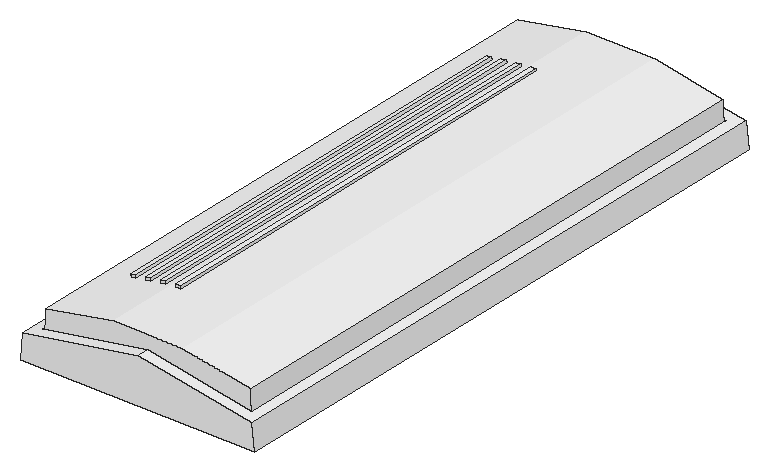
Revit family "JC KONTAKTER JCK211 FI", category Specialty Equipment, host Face, Revit 2025
Family settings
  Host = Face
  Round Connector Dimension = Use Diameter
  Part Type = Normal
  Enable Cutting in Views = Yes
  Cut with Voids When Loaded = No
  Maintain Annotation Orientation = Yes
  Shared = No
  Room Calculation Point = No
Parameters (values of type "JCK211")
  Valmistusmaa = "Ruotsi"
  URL = "https://www.jckontakter.fi/produkt/kyynarkytkin/kyynarkytkin-muovi/kyynarkytkin-jck211/"
  Tuotteen paino = "0.230 kg"
  Tekniken tuotekortti = "https://www.jckontakter.fi/wp-content/uploads/sites/4/Tekninen-tuotekortti_JCK211_FI-1.pdf"
  Pienin nimellisvirta = "12V Resistiivinen 6A Induktiivinen L/R 5ms 6A, 24V Resistiivinen 6A Induktiivinen L/R 5ms 5A"
  Nimellisestä nimellisvirrasta = "1mA/4 V DC"
  Model = "JCK211"
  Mikrokytkin = "Standar NO IP67"
  Mikrokytkimien määrä = 1
  Manufacturer = "JC Kontakter"
  Kansi = ABS 750SW (Valkoinen)
  Description = "Tämä kyynärkytkin on valmistettu iskunkestävästä ABS-muovista. Siinä on kupera kosketuspinta, jossa on kosketusviivat, jotka osoittavat, missä painiketta tulee painaa. Tämä malli tarjoaa vahvan värikontrastin valkoisen kosketuspinnan ja valkoisen kehyksen kanssa. Suunniteltu ensisijaisesti sisäkäyttöön, mutta voidaan käyttää myös ulkona, koska se on varustettu kosteudenkestävällä mikrokytkimellä, jonka IP-luokka on 67."
  Default Elevation = 800 mm
  Kotelo = ABS 750SW (Valkoinen)
  CE asiakirja = "https://jckontakter.se/wp-content/uploads/CE_Dokument.pdf"
Reference planes
  plane 1 "Center (Front/Back)": y = 0
  plane 2: z = 0
  plane 3 "Center (Left/Right)": x = 0
  plane 4 "A": y = -122.5
Lines and regions (mm)
  symbolic lines
    curve 1: line (-50, 0, 50) -> (50, 0, 50)
    curve 2: line (-50, 0, 0) -> (-50, 0, 50)
    curve 3: line (50, 0, 0) -> (-50, 0, 0)
    curve 4: line (50, 0, 50) -> (50, 0, 0)
    curve 5: line (-40, 117.5, 0) -> (40, 117.5, 0)
    curve 6: line (-40, -122.5, 0) -> (-40, 117.5, 0)
    curve 7: line (40, -122.5, 0) -> (-40, -122.5, 0)
    curve 8: line (40, 117.5, 0) -> (40, -122.5, 0)
Text (mm)
  text "Poista tämä tunniste ennen käyttöä.\n\nSijoitusohjeet:\n\n1. Lataa projektiin.\n2. Vie kursori sen pinnan päälle, johon perhe tullaan sijoittamaan.\n3. Jos perhe näkyy kiertyneenä, valitse asetus \"kierrä sijoittamisen jälkeen\".\n4. Napsauta haluttua pintaa.\n5. Kirjoita haluttu kulma.\n6. Paina Enter." at (123.173, 1072.34, 0), in view "Ref. Level"
Dimensions and locks
  aligned and locked: plane 2 to host face
  aligned and locked: level to host face
Nested families
  nested 1: "AK_211" at (0, -122.5, 0) x (1, 0, 0) z (0, 1, 0), type "AK_211"
Definition of nested family "AK_211"
  Parameters (values of type "AK_211")
    URL = "https://jckontakter.se/produkt/armbagskontakter/armbagskontakt-jck211/"
    Model = "JCK211"  # constant formula
    Manufacturer = "JC Kontakter"  # constant formula
    Lid Finish = none
    Default Elevation = 1219.2 mm
    Core Finish = none
    Description = "JCK211 är en tålig armbågskontakt med konvex tryckplatta och taktila rillor som standard. Rillorna underlättar för synsvaga att veta var de ska trycka för att aktivera armbågskontakten.\r\nModellen har vitt lock och vit underdel.\r\nJCK211 levereras med 1st mikrobrytare i IP67, men går även att beställa med fler."  # constant formula
  Reference planes
    plane 1 "Center (Front/Back)": y = 0
    plane 2: z = 0
    plane 3 "Center (Left/Right)": x = 0
    plane 4 "1": x = 47.5
    plane 5 "A": z = 5
    plane 6 "B": z = 245
  Forms (mm)
    Extrusion 1, solid, material <- "Core Finish"
      sketch origin (0, 0, 0) x (1, 0, 0) y (0, 1, 0)
        loop
          line (-47.5, 0) -> (-46.5, -10) -> (0, -18) -> (46.5, -10) -> (47.5, 0) -> (-47.5, 0)
      from 0 to 250
    Extrusion 2, void
      sketch origin (0, 0, 0) x (1, 0, 0) y (0, 1, 0)
        loop
          line (-42.5, -4) -> (-42.5, -18.223) -> (42.5, -18.223) -> (42.5, -4) -> (-42.5, -4)
      from 5 to 245
    Extrusion 3, solid, material <- "Lid Finish"
      sketch origin (0, 0, 5) x (-1, 0, 0) y (0, -1, 0)
        loop
          line (-42, 6) -> (42, 6) -> (41.5, 18.145)
          arc (41.5, 18.145) -> (0, 24) -> (-41.5, 18.145) r 150
          line (-41.5, 18.145) -> (-42, 6)
      from 0.5 to 239.5
    Extrusion 4, solid, material <- "Lid Finish"
      sketch origin (0, 0, 5) x (-1, 0, 0) y (0, -1, 0)
        loop
          line (30.48, 20.761) -> (30.656, 21.746) -> (28.687, 22.097) -> (28.511, 21.112) -> (30.48, 20.761)
        loop
          line (24.5, 21.866) -> (24.634, 22.857) -> (22.652, 23.126) -> (22.518, 22.135) -> (24.5, 21.866)
        loop
          line (18.504, 22.704) -> (18.644, 23.694) -> (16.664, 23.975) -> (16.524, 22.985) -> (18.504, 22.704)
        loop
          line (12.5, 23.393) -> (12.5, 24.393) -> (10.5, 24.393) -> (10.5, 23.393) -> (12.5, 23.393)
      from 30 to 210
  Cuts and joins
    Extrusion 2 cuts Extrusion 1
  Dimensions and locks
    aligned and locked: level to plane 2
